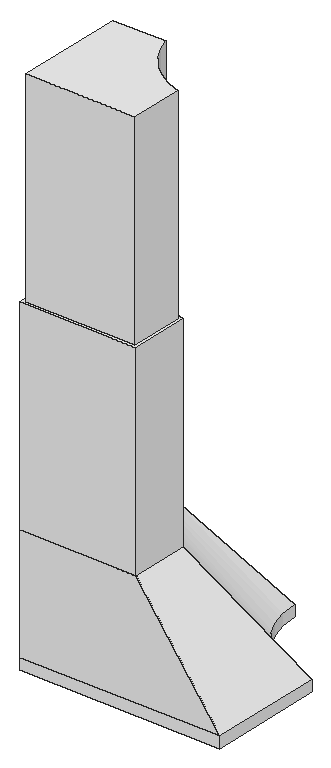
Revit family "Exhaust Hood - Corner", category 특수 시설물, Revit 2026
Family settings
  호스트 = 벽
  원형 커넥터 치수 = 지름 사용
  부품 유형 = 보통
  뷰에서 절단 사용 = 아니오
  항상 수직 = 예
  로드될 때 보이드를 사용하여 절단 = 아니오
  주석 방향 유지 = 아니오
  공유 = 아니오
  룸 계산 점 = 아니오
Parameters (values of type "610 x 610mm")
  기본 높이 = 0 mm
  Material = Metal - Aluminium
  제조업체 = "Revit"
  Ceiling Height [instance] = 2800 mm
  Assembly Code = ""
Reference planes
  plane 1: y = 0
  plane 2 "Center (Left/Right)": x = 125
  plane 3 "Back": y = 75
  plane 4: through (25, -25, 0) normal (0.7071, -0.7071, 0)
  plane 5: through (580.882, 580.882, 0) normal (0.7071, 0.7071, 0)
  plane 6: z = 1200
  plane 7: z = 1550
  plane 8: z = 2800
  plane 9: z = 2175
Forms (mm)
  Extrusion 1, solid, material "Metal - Aluminium" <- "Material"
    sketch origin (0, 0, 1200) x (0, 1, 0) y (1, 0, 0)
      loop
        line (686.764, 125) -> (686.764, 475)
        arc (686.764, 475) -> (501.669, 551.669) -> (425, 736.764) r 261.764
        line (425, 736.764) -> (75, 736.764) -> (75, 125) -> (686.764, 125)
    from 0 to 33
  Blend 2, solid, material "Metal - Aluminium" <- "Material"
    base sketch origin (0, 0, 1200) x (0, 1, 0) y (-1, 0, 0)
      loop
        line (686.764, -475) -> (686.764, -125) -> (75, -125) -> (75, -736.764) -> (425, -736.764)
        arc (425, -736.764) -> (501.669, -551.669) -> (686.764, -475) r 261.764
    top sketch origin (0, 0, 1200) x (0, 1, 0) y (-1, 0, 0)
      loop
        line (75, -125) -> (75, -478.553) -> (255, -478.553)
        arc (255, -478.553) -> (316.552, -366.552) -> (428.553, -305) r 228.922
        line (428.553, -305) -> (428.553, -125) -> (75, -125)
    from 0 to 350
  Extrusion 3, solid, material "Metal - Aluminium" <- "Material"
    sketch origin (0, 0, 1550) x (0, 1, 0) y (-1, 0, 0)
      loop
        line (428.553, -305) -> (428.553, -125) -> (75, -125) -> (75, -478.553) -> (255, -478.553)
        arc (255, -478.553) -> (316.552, -366.552) -> (428.553, -305) r 228.922
    from 0 to 625
  Extrusion 4, solid, material "Metal - Aluminium" <- "Material"
    sketch origin (0, 0, 2175) x (0, 1, 0) y (-1, 0, 0)
      loop
        line (418.553, -297.125) -> (418.553, -135) -> (85, -135) -> (85, -468.553) -> (247.125, -468.553)
        arc (247.125, -468.553) -> (309.48, -359.48) -> (418.553, -297.125) r 238.922
    from 0 to 625
Lines and regions (mm)
  symbolic lines
    curve 1: line (736.764, 75, 0) -> (736.764, 425, 0)
    curve 2: line (125, 686.764, 0) -> (475, 686.764, 0)
Text (mm)
  text "Placement side" at (-1864.261, 916.262, 0), in view "Ref. Level"
  text "Placement side" at (0, 1605.175, 2923.955), in view "Left"
  text "Placement side" at (0, 595.982, 3004.978), in view "Right"
Dimensions and locks
  locked: plane 3 "Back" to host wall at 0
  locked: Extrusion 1 to Extrusion 1 at 33
  locked: Extrusion 1 sketch curve to Extrusion 1 sketch curve at 611.764
  locked: Extrusion 1 sketch curve to Extrusion 1 sketch curve at 350
  locked: Extrusion 1 sketch curve to Extrusion 1 sketch curve at 370.19
  locked: Blend 2 sketch curve to Blend 2 sketch curve at 353.553  (x2)
  locked: Blend 2 sketch curve to Blend 2 sketch curve at 245.442
  "Ceiling Height": level to plane 8
  equal spacing: plane 7, plane 9, plane 8
  aligned and locked: plane 1 to host wall
  aligned and locked: plane 3 "Back" to Extrusion 1
  aligned and locked: Blend 2 sketch curve to Extrusion 1  (x5)
  aligned and locked: Blend 2 to plane 7
  aligned and locked: plane 6 to Blend 2
  aligned and locked: Extrusion 3 sketch curve to Blend 2  (x4)
  aligned and locked: Blend 2 to Extrusion 3 sketch curve
  aligned and locked: Extrusion 4 to plane 8
  aligned and locked: plane 9 to Extrusion 4
Automatic sketch dimensions
  curve 2 to plane 2 "Center (Left/Right)" = 0 mm
  curve 2 to plane 5 = 0 mm
  curve 1 to plane 5 = 0 mm
  curve 1 to host wall = 0 mm
  curve 2 to plane 4 = 185.095 mm
  plane 4 to curve 1 = 185.095 mm
  Extrusion 1 sketch curve to host wall = 0 mm
  Extrusion 1 sketch curve to plane 4 = 0 mm
  Extrusion 1 sketch curve to plane 2 "Center (Left/Right)" = 0 mm
  Blend 2 sketch curve to host wall = 0 mm
  Blend 2 sketch curve to plane 4 = 0 mm
  Blend 2 sketch curve to plane 2 "Center (Left/Right)" = 0 mm
  Blend 2 sketch curve to plane 5 = 109.543 mm
  Extrusion 4 sketch curve to plane 4 = 0 mm  (x2)
  host wall to Extrusion 4 sketch curve = 10 mm
  Extrusion 4 sketch curve to Extrusion 4 sketch curve = 162.125 mm
  Extrusion 4 sketch curve to plane 4 = 235.858 mm
  Extrusion 4 sketch curve to plane 5 = 109.543 mm
  plane 4 to Extrusion 4 sketch curve = 121.218 mm
